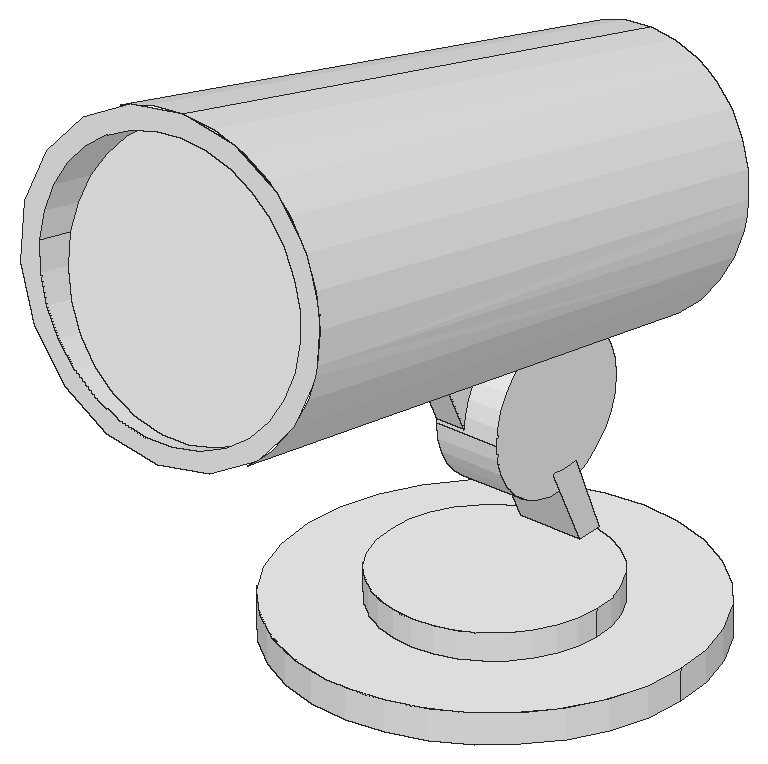
Revit family "Lighting-Accent-Acclaim-Dyna Accent Mini", category Lighting Fixtures, host Face, Revit 2015
Parameters (values of type "Dyna Accent Mini")
  Wattage = 9.2903 W
  built-in parameter 1150110 = 1 (stored number, unit not read)
  Voltage = 0 V
  URL = "http://www.acclaimlighting.com/"
  built-in parameter 1114217 = 1 (stored number, unit not read)
  Tilt Angle = -90.00°
  built-in parameter 1150109 = 1 (stored number, unit not read)
  built-in parameter 1150134 = 3
  built-in parameter 1150113 = 1 (stored number, unit not read)
  Power Factor = 1
  Photometric Web File = "generic"
  Number of Poles = 1
  built-in parameter 1150142 = (empty or 0)
  Model = "Dyna Accent Mini"
  Manufacturer = "Acclaim Lighting"
  built-in parameter 1150105 = 109.82 (stored number, unit not read)
  Lumens = 1380 lm
  built-in parameter 1150115 = 1 (stored number, unit not read)
  built-in parameter 1150137 = (empty or 0)
  built-in parameter 1150139 = (empty or 0)
  built-in parameter 1150112 = 1 (stored number, unit not read)
  built-in parameter 1150114 = 1 (stored number, unit not read)
  Lamp = "LED"
  built-in parameter 1150132 = (empty or 0)
  built-in parameter 1150102 = (empty or 0)
  built-in parameter 1150107 = 3200 (stored number, unit not read)
  built-in parameter 1150138 = (empty or 0)
  built-in parameter 1150106 = 1.0982 (stored number, unit not read)
  Housing Finish = Aluminum
  Emit from Circle Diameter = 3.35"
  Emit Shape Visible in Rendering = no
  built-in parameter 1150104 = 13.8 (stored number, unit not read)
  Dimming Lamp Color Temperature Shift = <None>
  Description = "Accent Fixture"
  Default Elevation = 48.00"
  Color Filter = 16777215
  built-in parameter 1114218 = 1 (stored number, unit not read)
  built-in parameter 1150133 = 10 (stored number, unit not read)
  Apparent Load = 0 VA
Reference planes (in)
  plane 1 "Center (Front/Back)": y = 0
  plane 2: z = 0
  plane 3 "Center (Left/Right)": x = 0
  plane 4: x = -19.69922
  plane 5: x = 19.69922
  plane 6: y = 3.09961
  plane 7: z = 6.71
  plane 8: y = -4.77039
  plane 9: z = 8.033
  plane 10: z = 4.683
Forms (in)
  Revolve 1, solid, material "Aluminum" <- "Housing Finish"
    sketch origin (0, 1.18114, -4.68192) x (0, 0.970296, -0.241922) y (0, 0.241922, 0.970296)
      loop
        line (-8.88225, 10.89907) -> (-8.88225, 8.87267) -> (-0.27554, 8.87267)
        arc (-0.27554, 8.87267) -> (-0.43603, 9.67766) -> (-0.65758, 10.46803) r 10.73346
        line (-0.65758, 10.46803) -> (-8.88225, 10.89907)
      axis (-8.88225, 8.87267) -> (-0.27554, 8.87267)
    angle from 0 to 360
  Extrusion 2, void
    sketch origin (0, 1.18114, -4.68192) x (0, 0.970296, -0.241922) y (0, 0.241922, 0.970296)
      loop
        line (-8.93422, 11.49125) -> (-9.20236, 11.49125) -> (-9.20236, 5.832) -> (-8.13887, 5.832) -> (-8.93422, 11.49125)
    from -3.66913 to 4.1117
  Extrusion 3, solid, material "Aluminum" <- "Housing Finish"
    sketch origin (0, 0, -0.78125) x (0, 1, 0) y (0, 0, 1)
      loop
        circle (0.48705, 3.22469) r 1
    from 0 to 0.8013
  Extrusion 4, solid, material "Aluminum" <- "Housing Finish"
    sketch origin (0, 0, -0.78125) x (0, 1, 0) y (0, 0, 1)
      loop
        line (-1.30758, 4.38498) -> (-0.77725, 3.85465) -> (-0.35463, 2.94834)
        arc (-0.35463, 2.94834) -> (0.86075, 2.41238) -> (1.23141, 3.68792) r 0.88274
        line (1.23141, 3.68792) -> (0.69274, 4.53044) -> (-1.30758, 4.38498)
    from 0 to 0.35636
  Extrusion 5, solid, material "Aluminum" <- "Housing Finish"
    sketch origin (0.5, -0.1875, 0) x (1, 0, 0) y (0, 1, 0)
      loop
        circle (0, 0.02065) r 2.5
    from 0 to 0.38352
  Extrusion 6, solid, material "Aluminum" <- "Housing Finish"
    sketch origin (0.5, -0.20312, 0) x (1, 0, 0) y (0, 1, 0)
      loop
        circle (0, 0.03143) r 1.38041
    from 0.38352 to 0.71748
  Extrusion 7, solid, material "Aluminum" <- "Housing Finish"
    sketch origin (0, 0, 0) x (0, 1, 0) y (0, 0, 1)
      loop
        line (0.43521, 1.6944) -> (0.89075, 0.71748) -> (1.20871, 0.71748) -> (0.81735, 1.68611)
        arc (0.81735, 1.68611) -> (0.62583, 1.66932) -> (0.43521, 1.6944) r 0.88274
    from 0 to 0.8013
  Extrusion 8, void
    sketch origin (0, -1.64101, -0.99131) x (1, 0, 0) y (0, 0.251554, 0.967843)
      loop
        circle (0, 5.92296) r 1.75
    from 4.46922 to 5.38838
Cuts and joins
  Extrusion 2, Extrusion 8 cuts Revolve 1
Dimensions and locks (in)
  equal spacing: plane 4, plane 3 "Center (Left/Right)", plane 5
  plane 4 to plane 5 = 39.39844"
  equal spacing: plane 5, plane 3 "Center (Left/Right)", plane 4
  plane 5 to plane 4 = 39.39844"
  plane 1 "Center (Front/Back)" to plane 6 = 3.09961"
  plane 6 to plane 8 = 7.87"
  host face to plane 7 = 6.71"
  plane 9 to plane 10 = 3.35"
  aligned and locked: plane 2 to host face
  aligned and locked: level to host face
  aligned and locked: Extrusion 6 to Extrusion 5
Automatic sketch dimensions
  host sketch curve to host sketch curve = 96.00"  (x2)
  Extrusion 3 sketch curve to plane 1 "Center (Front/Back)" = 0.48705"
  level to Extrusion 3 sketch curve = 2.44344"
  plane 1 "Center (Front/Back)" to Extrusion 4 sketch curve = 0.77725"
  plane 1 "Center (Front/Back)" to Extrusion 4 sketch curve = 0.35463"
  Extrusion 4 sketch curve to plane 1 "Center (Front/Back)" = 0.48769"
  Extrusion 4 sketch curve to Extrusion 4 sketch curve = 0.74372"
  level to Extrusion 4 sketch curve = 2.16709"
  Extrusion 4 sketch curve to Extrusion 4 sketch curve = 0.26407"
  Extrusion 4 sketch curve to Extrusion 4 sketch curve = 0.90631"
  Extrusion 4 sketch curve to Extrusion 4 sketch curve = 0.53033"  (x2)
  Extrusion 4 sketch curve to plane 1 "Center (Front/Back)" = 0.69274"
  Extrusion 4 sketch curve to Extrusion 4 sketch curve = 0.84251"
  plane 3 "Center (Left/Right)" to Extrusion 5 sketch curve = 0.50"
  plane 1 "Center (Front/Back)" to Extrusion 5 sketch curve = 0.16685"
  plane 3 "Center (Left/Right)" to Extrusion 6 sketch curve = 0.50"
  plane 1 "Center (Front/Back)" to Extrusion 6 sketch curve = 0.1717"
  plane 7 to Extrusion 2 sketch curve = 3.5069"
  Extrusion 2 sketch curve to Extrusion 2 sketch curve = 0.26814"
  Extrusion 2 sketch curve to Extrusion 2 sketch curve = 1.0635"
  Extrusion 2 sketch curve to Extrusion 2 sketch curve = 5.65924"
  plane 8 to Extrusion 2 sketch curve = 1.56659"
  Extrusion 7 sketch curve to plane 1 "Center (Front/Back)" = 0.43521"
  Extrusion 7 sketch curve to plane 1 "Center (Front/Back)" = 0.64496"
  Extrusion 7 sketch curve to Extrusion 7 sketch curve = 0.38215"
  Extrusion 7 sketch curve to plane 1 "Center (Front/Back)" = 0.89075"
  Extrusion 7 sketch curve to Extrusion 7 sketch curve = 0.31796"
  level to Extrusion 7 sketch curve = 0.71748"
  Extrusion 7 sketch curve to Extrusion 7 sketch curve = 0.96863"
  Extrusion 7 sketch curve to Extrusion 7 sketch curve = 0.00829"
  plane 10 to Revolve 1 sketch curve = 0.2306"
  plane 8 to Revolve 1 sketch curve = 2.8633"
  Revolve 1 sketch curve to Revolve 1 sketch curve = 1.99212"
  Revolve 1 sketch curve to Revolve 1 sketch curve = 1.69469"
  Revolve 1 sketch curve to Revolve 1 sketch curve = 1.59536"
  Revolve 1 sketch curve to Revolve 1 sketch curve = 2.0264"
  Revolve 1 sketch curve to Revolve 1 sketch curve = 1.1946"
  Revolve 1 sketch curve to Revolve 1 sketch curve = 0.38204"
  Revolve 1 sketch curve to Revolve 1 sketch curve = 4.83789"
  Revolve 1 sketch curve to Revolve 1 sketch curve = 0.00"
  Extrusion 8 sketch curve to plane 3 "Center (Left/Right)" = 0.00"
  radius of Extrusion 3 sketch curve = 1.00"
  radius of Extrusion 5 sketch curve = 2.50"
  radius of Extrusion 6 sketch curve = 1.38041"
  radius of Extrusion 8 sketch curve = 1.75"
Connectors (in)
  electrical at (0.5, -0.16685, 0), driven by "Number of Poles", driven by "Voltage", driven by "Apparent Load", driven by "Power Factor"
    settings: on Extrusion 5, index 1, voltage 0 V, apparent load 0 VA, apparent load phase1 0 VA, apparent load phase2 0 VA, apparent load phase3 0 VA, power factor 1, load classification "Other", number of poles 1, system type 31, power factor state 1, is connector primary yes, connector utility yes, sub classification motor no, connector description ""
